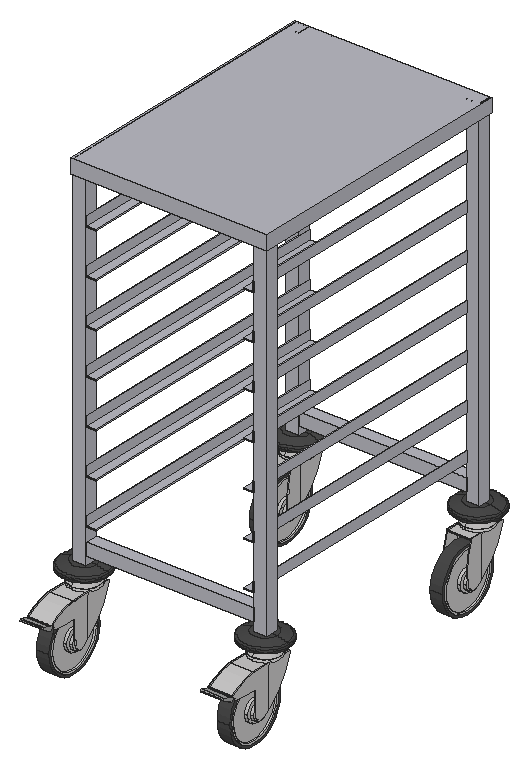
Revit family "QF_BOURGEAT_Gamme_standard_Avec_plan_de_travail", category Equipement spécialisé, Revit 2015
Parameters (values of type "GN1/1-7 niveaux - Espacement 89 mm")
  URL catalogue = "http://www.bourgeat.fr"
  URL = ""
  Type article = ""
  Spécification du Fabricant = "Charrot à glissières bas avec plan de travail"
  Profondeur hors tout = 630 mm
  Profondeur echelle = Profondeur hors tout - 75 mm  # 555 mm
  Poids net à vide = 13.00 kg
  Niveaux = 7
  Modèle = "771506"
  Longueur hors tout = 460 mm
  Hauteur hors tout = 900 mm
  Hauteur echelle = Hauteur hors tout - 164.2 mm  # 735.8 mm
  Fabricant = "BOURGEAT"
  Entrée = 325 mm
  Description = ""
  Contact SAV = "0033(4).76.32.14.44"
  Type Comments = ""
  Charge maximale = "20 kg par glissière; 200kg par chariot"
  Charge max = 200.00 kg
  Barre renfort = Longueur hors tout - 125 mm  # 335 mm
Types (4, lengths in mm): name | Profondeur hors tout | Profondeur echelle | Poids net à vide | Modèle | Longueur hors tout | Entrée | Barre renfort
  (no name) | 630 | 555 | 13.00 kg | "771506" | 460 | 325 | 335
  GN1/1-7 niveaux - Espacement 89 mm | 630 | 555 | 13.00 kg | "771506" | 460 | 325 | 335
  GN2/1-7 niveaux - Espacement 89 mm | 700 | 625 | 16.50 kg | "771006" | 660 | 530 | 535
  "Pâtissier" 600x400-7 niveaux - Espacement 89 mm | 700 | 625 | 16.00 kg | "770506" | 530 | 400 | 405
Reference planes
  plane 1 "Centre (avant/arrière)": y = 0
  plane 2: z = 0
  plane 3 "Centre (gauche/droite)": x = 0
  plane 4: y = 315
  plane 5: y = -315
  plane 6: x = -230
  plane 7: x = 230
  plane 8: x = -180
  plane 9: x = 180
  plane 10: y = -265
  plane 11: y = 265
  plane 12: z = 163
  plane 13: z = 900
  plane 14: z = 1018
  plane 15: z = 198.5
  plane 16: y = 279.5
  plane 17: y = -279.5
  plane 18: x = 196
  plane 19: x = -196
  plane 20: z = 872
  plane 21: z = 898.8
Forms (mm)
  Extrusion 1, solid, material "Acier inoxydable AISI 440C, soudé"
    sketch origin (0, 0, 0) x (1, 0, 0) y (0, 1, 0)
      loop
        line (-196, 279.5) -> (-196, -279.5) -> (196, -279.5) -> (196, 279.5) -> (-196, 279.5)
    from 872 to 900
  Extrusion 2, void
    sketch origin (0, 0, 0) x (1, 0, 0) y (0, 1, 0)
      loop
        line (-192.5, 277.5) -> (-192.5, -277.5) -> (192.5, -277.5) -> (192.5, 277.5) -> (-192.5, 277.5)
    from 872 to 898.8
Cuts and joins
  Extrusion 2 cuts Extrusion 1
Dimensions and locks
  equal spacing: plane 6, plane 3 "Centre (gauche/droite)", plane 7
  equal spacing: plane 4, plane 1 "Centre (avant/arrière)", plane 5
  "Longueur hors tout": plane 6 to plane 7
  "Profondeur hors tout": plane 4 to plane 5
  locked: plane 4 to plane 11 at 50
  locked: plane 10 to plane 5 at 50
  locked: plane 9 to plane 7 at 50
  locked: plane 6 to plane 8 at 50
  "Hauteur hors tout": plane 13 to level
  locked: plane 14 to plane 12 at 855
  locked: plane 12 to plane 2 at 163
  locked: plane 15 to plane 2 at 198.5
  equal spacing: plane 19, plane 3 "Centre (gauche/droite)", plane 18
  equal spacing: plane 16, plane 1 "Centre (avant/arrière)", plane 17
  locked: plane 13 to plane 20 at 28
  locked: plane 19 to plane 8 at 16
  locked: plane 13 to plane 21 at 1.2
  locked: plane 10 to plane 17 at 14.5
  aligned and locked: level to plane 2
  aligned and locked: plane 11 to nested 3
  aligned and locked: nested 3 to plane 9
  aligned and locked: nested 4 to plane 8
  aligned and locked: plane 11 to nested 4
  aligned and locked: plane 10 to nested 1
  aligned and locked: nested 1 to plane 8
  aligned and locked: plane 10 to nested 2
  aligned and locked: nested 2 to plane 9
  aligned and locked: nested 5 to plane 11
  aligned and locked: nested 6 to plane 10
  aligned and locked: nested 7 to plane 12
  aligned and locked: plane 1 "Centre (avant/arrière)" to nested 7
  aligned and locked: nested 7 to plane 9
  aligned and locked: plane 8 to nested 8
  aligned and locked: nested 8 to plane 12
  aligned and locked: nested 8 to plane 1 "Centre (avant/arrière)"
  aligned and locked: nested 5 to plane 15
  aligned and locked: nested 6 to plane 15
  aligned and locked: Extrusion 1 sketch curve to plane 16
  aligned and locked: plane 19 to Extrusion 1 sketch curve
  aligned and locked: plane 17 to Extrusion 1 sketch curve
  aligned and locked: Extrusion 1 sketch curve to plane 18
  aligned and locked: plane 13 to Extrusion 1
  aligned and locked: Extrusion 1 to plane 20
  aligned and locked: plane 21 to Extrusion 2
  aligned and locked: Extrusion 2 to nested 7
  aligned and locked: nested 7 to Extrusion 2
  aligned and locked: Extrusion 2 to plane 20
  aligned and locked: cut or joined group of Extrusion 1, Extrusion 2 to nested 8
  aligned and locked: nested 7 to cut or joined group of Extrusion 1, Extrusion 2
Automatic sketch dimensions
  Extrusion 2 sketch curve to plane 8 = 12.5 mm
  plane 9 to Extrusion 2 sketch curve = 12.5 mm
  Extrusion 2 sketch curve to plane 10 = 12.5 mm
  plane 11 to Extrusion 2 sketch curve = 12.5 mm
Nested families
  nested 1: "ROULETTE" at (-180, -265, 0) x (-1, 0, 0) z (0, 0, 1), type "ROULETTE"
    with Sans frein no, Avec frein yes
  nested 2: "ROULETTE" at (180, -265, 0) x (-1, 0, 0) z (0, 0, 1), type "ROULETTE"
    with Sans frein no, Avec frein yes
  nested 3: "ROULETTE" at (180, 265, 0) x (-1, 0, 0) z (0, 0, 1), type "ROULETTE"
    with Sans frein yes, Avec frein no
  nested 4: "ROULETTE" at (-180, 265, 0) x (-1, 0, 0) z (0, 0, 1), type "ROULETTE"
    with Sans frein yes, Avec frein no
  nested 5: "Barre de renfort" at (0, 265, 211), type "Barre de renfort"
    with Longueur 335 mm
  nested 6: "Barre de renfort" at (0, -265, 211), type "Barre de renfort"
    with Longueur 335 mm
  nested 7: "Echelle soudée droite" at (180, 0, 163) x (0, -1, 0) z (0, 0, 1), Hauteur <- "Hauteur echelle", Niveaux <- "Niveaux", type "Echelle soudée droite"
    with Niveaux 7, Hauteur 735.8 mm, Profondeur 555 mm
  nested 8: "Echelle soudée droite" at (-180, 0, 163) x (0, 1, 0) z (0, 0, 1), Hauteur <- "Hauteur echelle", Niveaux <- "Niveaux", type "Echelle soudée droite"
    with Niveaux 7, Hauteur 735.8 mm, Profondeur 555 mm
Definition of nested family "ROULETTE"
  Parameters (values of type "ROULETTE")
    Sans frein [instance] = yes
    Avec frein [instance] = yes
  Reference planes
    plane 1 "Centre (avant/arrière)": y = 0
    plane 2: z = 0
    plane 3 "Centre (gauche/droite)": x = 0
    plane 4: y = 40.851
    plane 5: z = 62.5
  Forms (mm)
    Extrusion 1, solid
      sketch origin (0, 0, 0) x (0, 1, 0) y (0, 0, 1)
        loop
          circle (40.851, 62.5) r 62.5
        loop
          circle (40.851, 62.5) r 57.5
      from -12.5 to 12.5
    Revolve 2, solid
      sketch origin (0, 0, 30.333) x (1, 0, 0) y (0, 0, 1)
        loop
          line (0, 151.667) -> (-25, 151.667) -> (-45.338, 146.217)
          arc (-45.338, 146.217) -> (-46.897, 145.175) -> (-47.5, 143.4) r 2.917
          line (-47.5, 143.4) -> (-47.5, 138.833)
          arc (-47.5, 138.833) -> (-47.012, 137.655) -> (-45.833, 137.167) r 1.667
          line (-45.833, 137.167) -> (-24.607, 137.167) -> (-24, 132.667) -> (0, 132.667) -> (0, 151.667)
        axis (0, 151.667) -> (0, 132.667)
      angle from 0 to 360
    Revolve 3, solid
      sketch origin (0, 0, 0) x (0, 1, 0) y (0, 0, 1)
        loop
          line (0, 163) -> (-20.149, 163) -> (-20.149, 159.41) -> (-21.6, 159.41)
          arc (-21.6, 159.41) -> (-24.448, 158.65) -> (-26.537, 156.572) r 5.712
          line (-26.537, 156.572) -> (-30.146, 147.743) -> (-26.999, 147.062) -> (-26.999, 146.112)
          arc (-26.999, 146.112) -> (-27.23, 145.314) -> (-27.849, 144.761) r 1.5
          arc (-27.849, 144.761) -> (-29.223, 143.633) -> (-29.923, 142) r 3.75
          line (-29.923, 142) -> (0, 142) -> (0, 163)
        axis (0, 163) -> (0, 142)
      angle from 0 to 360
    Extrusion 4, solid
      sketch origin (0, 0, 0) x (0, 1, 0) y (0, 0, -1)
        loop
          line (-29.974, -138.241) -> (-29.974, -142) -> (21.747, -142) -> (21.747, -60.336)
          arc (21.747, -60.336) -> (10.272, -70.702) -> (-0.149, -82.127) r 160.057
          arc (-0.149, -82.127) -> (-17.883, -108.684) -> (-29.974, -138.241) r 159.585
      from -24.913 to -23.038
    Extrusion 5, solid
      sketch origin (0, 0, 0) x (0, 1, 0) y (0, 0, 1)
        loop
          line (-29.974, 142) -> (-29.974, 140.869) -> (21.747, 140.869) -> (21.747, 142) -> (-29.974, 142)
      from -23.038 to 23.038
    Extrusion 6, solid
      sketch origin (0, 0, 0) x (0, 1, 0) y (0, 0, 1)
        loop
          circle (40.851, 62.5) r 57.5
        loop
          circle (40.851, 62.5) r 55
      from -12.5 to 12.5
    Extrusion 7, solid
      sketch origin (0, 0, 0) x (0, 1, 0) y (0, 0, 1)
        loop
          circle (40.851, 62.5) r 55
      from -7 to 7
    Extrusion 8, solid
      sketch origin (0, 0, 0) x (0, 1, 0) y (0, 0, 1)
        loop
          circle (40.851, 62.5) r 21
      from 7 to 15
    Extrusion 9, solid
      sketch origin (0, 0, 0) x (0, 1, 0) y (0, 0, -1)
        loop
          circle (40.851, -62.5) r 16
      from -23.038 to -15
    Extrusion 10, solid, visible <- "Sans frein"
      sketch origin (0, 0, 0) x (0, 1, 0) y (0, 0, 1)
        loop
          arc (21.747, 60.336) -> (23.188, 59.17) -> (24.642, 58.02) r 161.23
          arc (24.642, 58.02) -> (29.34, 54.513) -> (34.187, 51.216) r 133.333
          arc (34.187, 51.216) -> (46.517, 50.3) -> (53.927, 60.198) r 12.867
          arc (53.927, 60.198) -> (54.714, 99.183) -> (46.119, 137.216) r 161.222
          arc (46.119, 137.216) -> (45.679, 138.887) -> (45.531, 140.609) r 10.076
          line (45.531, 140.609) -> (45.531, 142) -> (21.747, 142) -> (21.747, 60.336)
      from 23.038 to 24.913
    Extrusion 11, solid, visible <- "Sans frein"
      sketch origin (0, 0, 0) x (0, 1, 0) y (0, 0, 1)
        loop
          line (21.747, 142) -> (21.747, 140.701) -> (48.851, 140.701) -> (48.851, 142) -> (21.747, 142)
      from -23.038 to 23.038
    Extrusion 12, solid, visible <- "Avec frein"
      sketch origin (0, 0, 0) x (0, 1, 0) y (0, 0, 1)
        loop
          line (21.747, 142) -> (21.747, 60.336)
          arc (21.747, 60.336) -> (23.177, 59.179) -> (24.62, 58.038) r 160.008
          arc (24.62, 58.038) -> (29.041, 54.705) -> (33.574, 51.527) r 160
          arc (33.574, 51.527) -> (46.135, 50.422) -> (53.724, 60.491) r 13
          arc (53.724, 60.491) -> (55.279, 82.092) -> (53.902, 103.704) r 160
          arc (53.902, 103.704) -> (55.53, 108.653) -> (60.415, 110.463) r 6
          arc (60.415, 110.463) -> (80.625, 109.924) -> (100.725, 112.107) r 150
          arc (100.725, 112.107) -> (104.408, 113.406) -> (107.479, 115.819) r 12
          line (107.479, 115.819) -> (110.851, 121.523)
          arc (110.851, 121.523) -> (85.913, 134.651) -> (58.706, 142) r 127.902
          line (58.706, 142) -> (21.747, 142)
      from 23.038 to 24.913
    Extrusion 13, solid, visible <- "Avec frein"
      sketch origin (0, 0, 0) x (0, 1, 0) y (0, 0, 1)
        loop
          line (58.706, 142) -> (21.747, 142) -> (21.747, 140) -> (58.552, 140)
          arc (58.552, 140) -> (85.253, 132.762) -> (109.73, 119.866) r 125.902
          line (109.73, 119.866) -> (110.851, 121.523)
          arc (110.851, 121.523) -> (85.913, 134.651) -> (58.706, 142) r 127.902
      from -23.038 to 23.038
    Extrusion 14, solid, visible <- "Avec frein"
      sketch origin (0, 19.896, 18.175) x (0, 1, 0) y (0, 0, 1)
        loop
          line (87.583, 97.644) -> (91.829, 95.227)
          arc (91.829, 95.227) -> (93.8, 95.006) -> (95.312, 96.29) r 2.5
          arc (95.312, 96.29) -> (103.495, 100.002) -> (111.176, 104.666) r 74.999
          line (111.176, 104.666) -> (110.852, 105.929)
          arc (110.852, 105.929) -> (110.04, 107.086) -> (108.666, 107.417) r 2
          arc (108.666, 107.417) -> (101.396, 105.849) -> (94.512, 103.034) r 42.354
          line (94.512, 103.034) -> (93.479, 101.228) -> (93.285, 100.414) -> (91.69, 101.675) -> (90.401, 102.412) -> (87.583, 97.644)
      from -23.038 to 23.038
    Extrusion 15, solid, not visible
      sketch origin (0, 0, 0) x (0, 1, 0) y (0, 0, 1)
        loop
          circle (34.167, 52.083) r 52.083
        loop
          circle (34.167, 52.083) r 47.917
      from -12.5 to 12.5
    Revolve 16, solid, not visible
      sketch origin (0, 0, 0) x (1, 0, 0) y (0, 0, 1)
        loop
          line (0, 151.667) -> (-20.833, 151.667) -> (-37.422, 147.222)
          arc (-37.422, 147.222) -> (-38.981, 146.18) -> (-39.583, 144.405) r 2.917
          line (-39.583, 144.405) -> (-39.583, 141.25)
          arc (-39.583, 141.25) -> (-39.095, 140.071) -> (-37.917, 139.583) r 1.667
          line (-37.917, 139.583) -> (-20.506, 139.583) -> (-20, 135.833) -> (0, 135.833) -> (0, 151.667)
        axis (0, 151.667) -> (0, 135.833)
      angle from 0 to 360
    Revolve 17, solid, not visible
      sketch origin (0, 0, 0) x (0, 1, 0) y (0, 0, 1)
        loop
          line (-16.667, 135.833) -> (-16.667, 132.842) -> (-17.876, 132.842)
          arc (-17.876, 132.842) -> (-20.158, 132.259) -> (-21.881, 130.654) r 4.76
          arc (-21.881, 130.654) -> (-23.777, 127.026) -> (-24.997, 123.12) r 22.917
          line (-24.997, 123.12) -> (-22.375, 122.552) -> (-22.375, 121.76)
          arc (-22.375, 121.76) -> (-22.567, 121.095) -> (-23.083, 120.634) r 1.25
          arc (-23.083, 120.634) -> (-24.375, 119.481) -> (-24.854, 117.818) r 3.125
          line (-24.854, 117.818) -> (0, 117.818) -> (0, 135.833) -> (-16.667, 135.833)
        axis (0, 135.833) -> (0, 117.818)
      angle from 0 to 360
    Extrusion 18, solid, not visible
      sketch origin (0, 0, 0) x (0, 1, 0) y (0, 0, -1)
        loop
          line (-24.854, -115.199) -> (-24.854, -117.818) -> (18.247, -117.818) -> (18.247, -50.28) -> (15.456, -52.631) -> (0, -68.439)
          arc (0, -68.439) -> (-14.771, -90.573) -> (-24.854, -115.199) r 133.414
      from -24.913 to -23.038
    Extrusion 19, solid, not visible
      sketch origin (0, 0, 0) x (0, 1, 0) y (0, 0, 1)
        loop
          line (-24.854, 117.818) -> (-24.854, 116.875) -> (18.247, 116.875) -> (18.247, 117.818) -> (-24.854, 117.818)
      from -23.038 to 23.038
    Extrusion 20, solid, not visible
      sketch origin (0, 0, 0) x (0, 1, 0) y (0, 0, 1)
        loop
          circle (34.167, 52.083) r 47.917
        loop
          circle (34.167, 52.083) r 45.833
      from -12.5 to 12.5
    Extrusion 21, solid, not visible
      sketch origin (0, 0, 0) x (0, 1, 0) y (0, 0, 1)
        loop
          circle (34.167, 52.083) r 45.833
        loop
          circle (34.167, 52.083) r 17.5
      from -7 to 7
    Extrusion 22, solid, not visible
      sketch origin (0, 0, 0) x (0, 1, 0) y (0, 0, 1)
        loop
          circle (34.167, 52.083) r 17.5
      from -15 to 15
    Extrusion 23, solid, not visible
      sketch origin (0, 0, 0) x (0, 1, 0) y (0, 0, 1)
        loop
          circle (34.167, 52.083) r 12.5
      from -23.038 to -15
    Extrusion 24, solid, not visible
      sketch origin (0, 0, 0) x (0, 1, 0) y (0, 0, -1)
        loop
          circle (34.167, -52.083) r 12.5
      from -23.038 to -15
    Extrusion 25, solid, not visible
      sketch origin (0, 0, 0) x (0, 1, 0) y (0, 0, 1)
        loop
          arc (-24.854, 115.199) -> (-14.771, 90.573) -> (0, 68.439) r 133.414
          line (0, 68.439) -> (15.456, 52.631) -> (18.247, 50.28) -> (18.247, 117.818) -> (-24.854, 117.818) -> (-24.854, 115.199)
      from -24.913 to -23.038
    Extrusion 26, solid, visible <- "Sans frein", not visible
      sketch origin (0, 0, 0) x (0, 1, 0) y (0, 0, 1)
        loop
          arc (18.247, 50.28) -> (19.439, 49.316) -> (20.641, 48.365) r 133.34
          arc (20.641, 48.365) -> (24.325, 45.588) -> (28.103, 42.939) r 133.333
          arc (28.103, 42.939) -> (38.57, 42.018) -> (44.895, 50.409) r 10.833
          arc (44.895, 50.409) -> (45.499, 82.529) -> (38.403, 113.861) r 133.333
          arc (38.403, 113.861) -> (38.039, 115.243) -> (37.917, 116.667) r 8.333
          line (37.917, 116.667) -> (37.917, 117.818) -> (18.247, 117.818) -> (18.247, 50.28)
      from 23.038 to 24.913
    Extrusion 27, solid, visible <- "Sans frein", not visible
      sketch origin (0, 0, 0) x (0, 1, 0) y (0, 0, -1)
        loop
          line (18.247, -50.28) -> (18.247, -117.818) -> (37.917, -117.818) -> (37.917, -116.667)
          arc (37.917, -116.667) -> (38.039, -115.243) -> (38.403, -113.861) r 8.333
          arc (38.403, -113.861) -> (45.499, -82.529) -> (44.895, -50.409) r 133.333
          arc (44.895, -50.409) -> (38.57, -42.018) -> (28.103, -42.939) r 10.833
          arc (28.103, -42.939) -> (24.325, -45.588) -> (20.641, -48.365) r 133.333
          arc (20.641, -48.365) -> (19.439, -49.316) -> (18.247, -50.28) r 133.34
      from 23.038 to 24.913
    Extrusion 28, solid, visible <- "Sans frein", not visible
      sketch origin (0, 0, 0) x (0, 1, 0) y (0, 0, 1)
        loop
          line (18.247, 117.818) -> (18.247, 116.875) -> (37.917, 116.875) -> (37.917, 117.818) -> (18.247, 117.818)
      from -23.038 to 23.038
    Extrusion 29, solid, visible <- "Avec frein", not visible
      sketch origin (0, 0, 0) x (0, 1, 0) y (0, 0, 1)
        loop
          arc (18.247, 50.28) -> (19.439, 49.316) -> (20.641, 48.365) r 133.34
          arc (20.641, 48.365) -> (24.325, 45.588) -> (28.103, 42.939) r 133.333
          arc (28.103, 42.939) -> (38.57, 42.018) -> (44.895, 50.409) r 10.833
          arc (44.895, 50.409) -> (46.191, 68.96) -> (44.895, 87.51) r 133.333
          arc (44.895, 87.51) -> (46.675, 90.916) -> (50.346, 92.053) r 5
          arc (50.346, 92.053) -> (67.188, 91.603) -> (83.937, 93.422) r 125
          arc (83.937, 93.422) -> (87.006, 94.505) -> (89.566, 96.516) r 10
          line (89.566, 96.516) -> (92.375, 101.269) -> (92.894, 102.146)
          arc (92.894, 102.146) -> (72.773, 111.524) -> (51.484, 117.818) r 149.407
          line (51.484, 117.818) -> (18.247, 117.818) -> (18.247, 50.28)
      from 23.038 to 24.913
    Extrusion 30, solid, visible <- "Avec frein", not visible
      sketch origin (0, 0, 0) x (0, 1, 0) y (0, 0, 1)
        loop
          line (18.247, 117.818) -> (18.247, 116.918) -> (51.387, 116.918)
          arc (51.387, 116.918) -> (72.489, 110.669) -> (92.436, 101.371) r 148.507
          line (92.436, 101.371) -> (92.894, 102.146)
          arc (92.894, 102.146) -> (72.773, 111.524) -> (51.484, 117.818) r 149.407
          line (51.484, 117.818) -> (18.247, 117.818)
      from -23.038 to 23.038
    Extrusion 31, solid, visible <- "Avec frein", not visible
      sketch origin (0, 0, 0) x (0, 1, 0) y (0, 0, -1)
        loop
          line (18.247, -50.28) -> (18.247, -117.818) -> (51.484, -117.818)
          arc (51.484, -117.818) -> (72.773, -111.524) -> (92.894, -102.146) r 149.407
          line (92.894, -102.146) -> (92.375, -101.269) -> (89.566, -96.516)
          arc (89.566, -96.516) -> (87.006, -94.505) -> (83.937, -93.422) r 10
          arc (83.937, -93.422) -> (67.188, -91.603) -> (50.346, -92.053) r 125
          arc (50.346, -92.053) -> (46.675, -90.916) -> (44.895, -87.51) r 5
          arc (44.895, -87.51) -> (46.191, -68.96) -> (44.895, -50.409) r 133.333
          arc (44.895, -50.409) -> (38.57, -42.018) -> (28.103, -42.939) r 10.833
          arc (28.103, -42.939) -> (24.325, -45.588) -> (20.641, -48.365) r 133.333
          arc (20.641, -48.365) -> (19.439, -49.316) -> (18.247, -50.28) r 133.34
      from 23.038 to 24.913
    Extrusion 32, solid, visible <- "Avec frein", not visible
      sketch origin (0, 0, 0) x (0, 1, 0) y (0, 0, 1)
        loop
          line (92.988, 99.875) -> (89.934, 101.621) -> (87.583, 97.644) -> (93.104, 94.501)
          arc (93.104, 94.501) -> (94.747, 94.317) -> (96.006, 95.387) r 2.083
          arc (96.006, 95.387) -> (102.826, 98.48) -> (109.226, 102.367) r 62.499
          line (109.226, 102.367) -> (108.956, 103.42)
          arc (108.956, 103.42) -> (108.28, 104.384) -> (107.135, 104.66) r 1.667
          arc (107.135, 104.66) -> (101.536, 103.565) -> (96.139, 101.716) r 41.633
          arc (96.139, 101.716) -> (95.681, 101.427) -> (95.34, 101.007) r 1.667
          line (95.34, 101.007) -> (94.162, 98.947) -> (92.988, 99.875)
      from -23.038 to 23.038
    Extrusion 33, solid, not visible
      sketch origin (0, 0, 0) x (0, 1, 0) y (0, 0, -1)
        loop
          line (-29.974, -138.241) -> (-29.974, -142) -> (21.747, -142) -> (21.747, -60.336)
          arc (21.747, -60.336) -> (10.272, -70.702) -> (-0.149, -82.127) r 160.057
          arc (-0.149, -82.127) -> (-17.883, -108.684) -> (-29.974, -138.241) r 159.585
      from -24.913 to -23.038
    Extrusion 34, solid, not visible
      sketch origin (0, 0, 0) x (0, 1, 0) y (0, 0, 1)
        loop
          circle (40.851, 62.5) r 21
      from 7 to 15
    Extrusion 35, solid, not visible
      sketch origin (0, 0, 0) x (0, 1, 0) y (0, 0, -1)
        loop
          circle (40.851, -62.5) r 16
      from -23.038 to -15
    Extrusion 36, solid, visible <- "Sans frein", not visible
      sketch origin (0, 0, 0) x (0, 1, 0) y (0, 0, 1)
        loop
          arc (21.747, 60.336) -> (23.188, 59.17) -> (24.642, 58.02) r 161.23
          arc (24.642, 58.02) -> (29.34, 54.513) -> (34.187, 51.216) r 133.333
          arc (34.187, 51.216) -> (46.517, 50.3) -> (53.927, 60.198) r 12.867
          arc (53.927, 60.198) -> (54.714, 99.183) -> (46.119, 137.216) r 161.222
          arc (46.119, 137.216) -> (45.679, 138.887) -> (45.531, 140.609) r 10.076
          line (45.531, 140.609) -> (45.531, 142) -> (21.747, 142) -> (21.747, 60.336)
      from 23.038 to 24.913
    Extrusion 37, solid, visible <- "Avec frein", not visible
      sketch origin (0, 0, 0) x (0, 1, 0) y (0, 0, 1)
        loop
          line (21.747, 142) -> (21.747, 60.336)
          arc (21.747, 60.336) -> (23.177, 59.179) -> (24.62, 58.038) r 160.008
          arc (24.62, 58.038) -> (29.041, 54.705) -> (33.574, 51.527) r 160
          arc (33.574, 51.527) -> (46.135, 50.422) -> (53.724, 60.491) r 13
          arc (53.724, 60.491) -> (55.279, 82.092) -> (53.902, 103.704) r 160
          arc (53.902, 103.704) -> (55.53, 108.653) -> (60.415, 110.463) r 6
          arc (60.415, 110.463) -> (80.625, 109.924) -> (100.725, 112.107) r 150
          arc (100.725, 112.107) -> (104.408, 113.406) -> (107.479, 115.819) r 12
          line (107.479, 115.819) -> (110.851, 121.523)
          arc (110.851, 121.523) -> (85.913, 134.651) -> (58.706, 142) r 127.902
          line (58.706, 142) -> (21.747, 142)
      from 23.038 to 24.913
    Extrusion 38, solid
      sketch origin (0, 0, 0) x (0, -1, 0) y (0, 0, -1)
        loop
          arc (29.974, -138.241) -> (17.883, -108.684) -> (0.149, -82.127) r 159.585
          arc (0.149, -82.127) -> (-10.272, -70.702) -> (-21.747, -60.336) r 160.057
          line (-21.747, -60.336) -> (-21.747, -142) -> (29.974, -142) -> (29.974, -138.241)
      from -24.913 to -23.038
    Extrusion 39, solid
      sketch origin (0, 0, 0) x (0, -1, 0) y (0, 0, 1)
        loop
          circle (-40.851, 62.5) r 21
      from 7 to 15
    Extrusion 40, solid
      sketch origin (0, 0, 0) x (0, -1, 0) y (0, 0, -1)
        loop
          circle (-40.851, -62.5) r 16
      from -23.038 to -15
    Extrusion 41, solid, visible <- "Sans frein"
      sketch origin (0, 0, 0) x (0, -1, 0) y (0, 0, 1)
        loop
          line (-21.747, 60.336) -> (-21.747, 142) -> (-45.531, 142) -> (-45.531, 140.609)
          arc (-45.531, 140.609) -> (-45.679, 138.887) -> (-46.119, 137.216) r 10.076
          arc (-46.119, 137.216) -> (-54.714, 99.183) -> (-53.927, 60.198) r 161.222
          arc (-53.927, 60.198) -> (-46.517, 50.3) -> (-34.187, 51.216) r 12.867
          arc (-34.187, 51.216) -> (-29.34, 54.513) -> (-24.642, 58.02) r 133.333
          arc (-24.642, 58.02) -> (-23.188, 59.17) -> (-21.747, 60.336) r 161.23
      from 23.038 to 24.913
    Extrusion 42, solid, visible <- "Avec frein"
      sketch origin (0, 0, 0) x (0, -1, 0) y (0, 0, 1)
        loop
          line (-21.747, 142) -> (-58.706, 142)
          arc (-58.706, 142) -> (-85.913, 134.651) -> (-110.851, 121.523) r 127.902
          line (-110.851, 121.523) -> (-107.479, 115.819)
          arc (-107.479, 115.819) -> (-104.408, 113.406) -> (-100.725, 112.107) r 12
          arc (-100.725, 112.107) -> (-80.625, 109.924) -> (-60.415, 110.463) r 150
          arc (-60.415, 110.463) -> (-55.53, 108.653) -> (-53.902, 103.704) r 6
          arc (-53.902, 103.704) -> (-55.279, 82.092) -> (-53.724, 60.491) r 160
          arc (-53.724, 60.491) -> (-46.135, 50.422) -> (-33.574, 51.527) r 13
          arc (-33.574, 51.527) -> (-29.041, 54.705) -> (-24.62, 58.038) r 160
          arc (-24.62, 58.038) -> (-23.177, 59.179) -> (-21.747, 60.336) r 160.008
          line (-21.747, 60.336) -> (-21.747, 142)
      from 23.038 to 24.913
  Dimensions and locks
    aligned and locked: level to plane 2
Definition of nested family "Barre de renfort"
  Parameters (values of type "Barre de renfort")
    Longueur = 1240 mm
  Reference planes
    plane 1 "Centre (avant/arrière)": y = 0
    plane 2: z = 0
    plane 3 "Centre (gauche/droite)": x = 0
    plane 4: x = -620
    plane 5: x = 620
  Forms (mm)
    Extrusion 1, solid
      sketch origin (0, 0, 0) x (0, 1, 0) y (0, 0, 1)
        loop
          line (-12.5, 12.5) -> (-12.5, -12.5) -> (12.5, -12.5) -> (12.5, 12.5) -> (-12.5, 12.5)
      from -620 to 620
  Dimensions and locks
    equal spacing: plane 4, plane 3 "Centre (gauche/droite)", plane 5
    "Longueur": plane 4 to plane 5
    aligned and locked: level to plane 2
    aligned and locked: plane 5 to Extrusion 1
    aligned and locked: Extrusion 1 to plane 4
  Automatic sketch dimensions
    plane 1 "Centre (avant/arrière)" to Extrusion 1 sketch curve = 12.5 mm
    Extrusion 1 sketch curve to plane 1 "Centre (avant/arrière)" = 12.5 mm
    Extrusion 1 sketch curve to level = 12.5 mm
    level to Extrusion 1 sketch curve = 12.5 mm
Definition of nested family "Echelle soudée droite"
  Parameters (values of type "Echelle soudée droite")
    Profondeur = 675 mm
    Niveaux [instance] = 20
    Hauteur [instance] = 1200 mm
  Reference planes
    plane 1 "Centre (avant/arrière)": y = 0
    plane 2: z = 0
    plane 3 "Centre (gauche/droite)": x = 0
    plane 4: x = -337.5
    plane 5: x = 337.5
    plane 6: z = 1200
    plane 7: z = 1107
    plane 8: z = 107.333
  Forms (mm)
    Extrusion 1, solid
      sketch origin (0, 0, 0) x (1, 0, 0) y (0, 1, 0)
        loop
          line (-337.5, 12.5) -> (-337.5, -12.5) -> (-312.5, -12.5) -> (-312.5, 12.5) -> (-337.5, 12.5)
        loop
          line (337.5, -12.5) -> (337.5, 12.5) -> (312.5, 12.5) -> (312.5, -12.5) -> (337.5, -12.5)
      from 0 to 1200
  Dimensions and locks
    "Profondeur": plane 5 to plane 4
    "Hauteur": plane 6 to level
    locked: plane 8 to plane 2 at 107.333
    locked: plane 6 to plane 7 at 93
    equal spacing: group 1, group 3, group 4, group 5, group 6, group 7, group 8, group 9, group 10, group 11, group 12, group 13, group 14, group 15, group 16, group 17, group 18, group 19, group 20, group 2  (x3)
    equal spacing: plane 5, plane 3 "Centre (gauche/droite)", plane 4
    aligned and locked: level to plane 2
    aligned and locked: plane 8 to nested 1
    aligned and locked: plane 7 to nested 2
    aligned and locked: Extrusion 1 to level
    aligned and locked: plane 6 to Extrusion 1
  Automatic sketch dimensions
    Extrusion 1 sketch curve to plane 1 "Centre (avant/arrière)" = 12.5 mm  (x2)
    plane 4 to Extrusion 1 sketch curve = 25 mm
    plane 4 to Extrusion 1 sketch curve = 0 mm
    plane 1 "Centre (avant/arrière)" to Extrusion 1 sketch curve = 12.5 mm  (x2)
    Extrusion 1 sketch curve to Extrusion 1 sketch curve = 25 mm
    Extrusion 1 sketch curve to plane 5 = 0 mm
  Nested families
    nested 1: "GLISSIERE" at (0, -12.5, 87.333), Long Rail <- "Profondeur", type "GLISSIERE"
      with Long Rail 675 mm
    nested 2: "GLISSIERE" at (0, -12.5, 1087), Long Rail <- "Profondeur", type "GLISSIERE"
      with Long Rail 675 mm
    nested 3: "GLISSIERE" at (0, -12.5, 139.947), Long Rail <- "Profondeur", type "GLISSIERE"
      with Long Rail 675 mm
    nested 4: "GLISSIERE" at (0, -12.5, 192.561), Long Rail <- "Profondeur", type "GLISSIERE"
      with Long Rail 675 mm
    nested 5: "GLISSIERE" at (0, -12.5, 245.175), Long Rail <- "Profondeur", type "GLISSIERE"
      with Long Rail 675 mm
    nested 6: "GLISSIERE" at (0, -12.5, 297.789), Long Rail <- "Profondeur", type "GLISSIERE"
      with Long Rail 675 mm
    nested 7: "GLISSIERE" at (0, -12.5, 350.404), Long Rail <- "Profondeur", type "GLISSIERE"
      with Long Rail 675 mm
    nested 8: "GLISSIERE" at (0, -12.5, 403.018), Long Rail <- "Profondeur", type "GLISSIERE"
      with Long Rail 675 mm
    nested 9: "GLISSIERE" at (0, -12.5, 455.632), Long Rail <- "Profondeur", type "GLISSIERE"
      with Long Rail 675 mm
    nested 10: "GLISSIERE" at (0, -12.5, 508.246), Long Rail <- "Profondeur", type "GLISSIERE"
      with Long Rail 675 mm
    nested 11: "GLISSIERE" at (0, -12.5, 560.86), Long Rail <- "Profondeur", type "GLISSIERE"
      with Long Rail 675 mm
    nested 12: "GLISSIERE" at (0, -12.5, 613.474), Long Rail <- "Profondeur", type "GLISSIERE"
      with Long Rail 675 mm
    nested 13: "GLISSIERE" at (0, -12.5, 666.088), Long Rail <- "Profondeur", type "GLISSIERE"
      with Long Rail 675 mm
    nested 14: "GLISSIERE" at (0, -12.5, 718.702), Long Rail <- "Profondeur", type "GLISSIERE"
      with Long Rail 675 mm
    nested 15: "GLISSIERE" at (0, -12.5, 771.316), Long Rail <- "Profondeur", type "GLISSIERE"
      with Long Rail 675 mm
    nested 16: "GLISSIERE" at (0, -12.5, 823.93), Long Rail <- "Profondeur", type "GLISSIERE"
      with Long Rail 675 mm
    nested 17: "GLISSIERE" at (0, -12.5, 876.544), Long Rail <- "Profondeur", type "GLISSIERE"
      with Long Rail 675 mm
    nested 18: "GLISSIERE" at (0, -12.5, 929.158), Long Rail <- "Profondeur", type "GLISSIERE"
      with Long Rail 675 mm
    nested 19: "GLISSIERE" at (0, -12.5, 981.772), Long Rail <- "Profondeur", type "GLISSIERE"
      with Long Rail 675 mm
    nested 20: "GLISSIERE" at (0, -12.5, 1034.386), Long Rail <- "Profondeur", type "GLISSIERE"
      with Long Rail 675 mm
  Definition of nested family "GLISSIERE"
    Parameters (values of type "GLISSIERE")
      Long Rail [instance] = 1000 mm
      Finition = none
    Reference planes
      plane 1 "Centre (avant/arrière)": y = 0
      plane 2: z = 0
      plane 3 "Centre (gauche/droite)": x = 0
      plane 4: x = -500
      plane 5: x = 500
    Forms (mm)
      Extrusion 1, solid, material <- "Finition"
        sketch origin (0, 0, 0) x (0, 1, 0) y (0, 0, 1)
          loop
            line (0, 20) -> (-2, 20) -> (-2, 2) -> (-20, 2) -> (-20, 0) -> (0, 0) -> (0, 20)
        from -500 to 500
    Dimensions and locks
      equal spacing: plane 4, plane 3 "Centre (gauche/droite)", plane 5
      "Long Rail": plane 4 to plane 5
      aligned and locked: level to plane 2
      aligned and locked: Extrusion 1 to plane 4
      aligned and locked: plane 5 to Extrusion 1
    Automatic sketch dimensions
      plane 1 "Centre (avant/arrière)" to Extrusion 1 sketch curve = 2 mm
      level to Extrusion 1 sketch curve = 2 mm
      Extrusion 1 sketch curve to Extrusion 1 sketch curve = 18 mm  (x2)
      Extrusion 1 sketch curve to plane 1 "Centre (avant/arrière)" = 0 mm
      Extrusion 1 sketch curve to level = 0 mm
